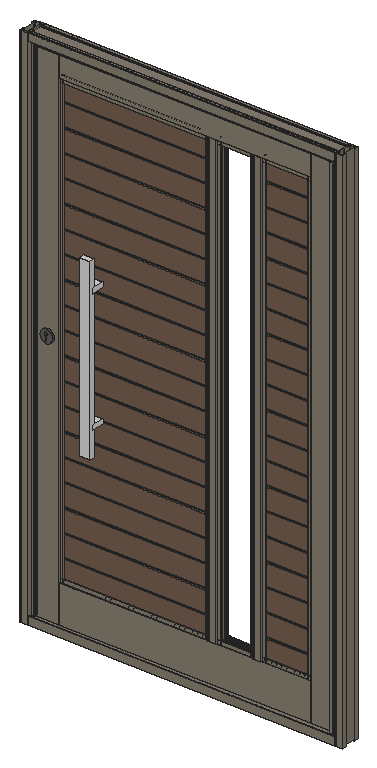
Revit family "Y1321P Y2 BZ K RH", category Doors, host Wall, Revit 2024
Family settings
  Host = Wall
  OmniClass Number = 23.30.10.00
  OmniClass Title = Doors
  Always vertical = Yes
  Cut with Voids When Loaded = No
  Shared = No
  Room Calculation Point = No
Parameters
  Function = Interior
  Frame Projection Ext. = 25 mm
  Frame Projection Int. = 25 mm
  Frame Width = 75 mm
  Height = 2120 mm
  Wall Closure = By host
  Width = 1290 mm
  Analytic Construction = "<None>"
Reference planes
  plane 1: y = 0
  plane 2 "Center (Left/Right)": x = 0
  plane 3 "Left": x = -645
  plane 4 "Right": x = 645
  plane 5: z = 2120
  plane 6 "Exterior": y = 75
  plane 7 "Interior": y = -75
Forms (mm)
  Sweep 1, solid, material "BRONZE ALUMINIUM MANUAL"
    path origin (0, 75, 0) x (1, 0, 0) y (0, 0, 1)
      loop
        line (-601.2, 30) -> (-601.2, 2075) -> (600, 2075) -> (600, 30)
    profile origin (-0.6, 75, 2075) x (0, 0, 1) y (0, -1, 0)
      loop
        line (15, 55) -> (2.8, 55) -> (2.8, 61.5) -> (0.5, 61.5) -> (0.5, 88.5) -> (2.8, 88.5) -> (2.8, 95) -> (15, 95) -> (15, 97) -> (-0.5, 97)
        arc (-0.5, 97) -> (-1.207, 96.707) -> (-1.5, 96) r 1
        line (-1.5, 96) -> (-1.5, 93.9) -> (-0.5, 93.9) -> (-0.5, 95) -> (1, 95) -> (1, 90.5) -> (-0.5, 90.5) -> (-0.5, 91.631) -> (-1.5, 91.631) -> (-1.5, 58.369) -> (-0.5, 58.369) -> (-0.5, 59.5) -> (1, 59.5) -> (1, 55) -> (-0.5, 55) -> (-0.5, 56.1) -> (-1.5, 56.1) -> (-1.5, 54)
        arc (-1.5, 54) -> (-1.207, 53.293) -> (-0.5, 53) r 1
        line (-0.5, 53) -> (15, 53) -> (15, 55)
  Extrusion 2, solid, material "BRONZE ALUMINIUM MANUAL"
    sketch origin (0, 0, 0) x (0, 1, 0) y (0, 0, 1)
      loop
        line (37.5, 2120) -> (22, 2120) -> (22, 2118.5) -> (24.5, 2118.5) -> (24.5, 2115.5) -> (-24.5, 2115.5) -> (-24.5, 2118.5) -> (-22, 2118.5) -> (-22, 2120) -> (-37.5, 2120) -> (-37.5, 2090) -> (-4.189, 2090) -> (7.651, 2090) -> (37.5, 2090) -> (37.5, 2120)
      loop
        line (32.168, 2118.2) -> (30.896, 2116.928) -> (29.5, 2118.324) -> (28, 2116.824) -> (26.3, 2118.524) -> (26.3, 2115.8)
        arc (26.3, 2115.8) -> (25.685, 2114.315) -> (24.2, 2113.7) r 2.1
        line (24.2, 2113.7) -> (-24.2, 2113.7)
        arc (-24.2, 2113.7) -> (-25.685, 2114.315) -> (-26.3, 2115.8) r 2.1
        line (-26.3, 2115.8) -> (-26.3, 2118.524) -> (-28, 2116.824) -> (-29.5, 2118.324) -> (-30.896, 2116.928) -> (-32.168, 2118.2) -> (-35.6, 2118.2) -> (-35.6, 2091.8) -> (-32.168, 2091.8) -> (-30.896, 2093.072) -> (-29.5, 2091.676) -> (-28, 2093.176) -> (-26.624, 2091.8) -> (-19.438, 2091.8) -> (26.624, 2091.8) -> (28, 2093.176) -> (29.5, 2091.676) -> (30.896, 2093.072) -> (32.168, 2091.8) -> (35.6, 2091.8) -> (35.6, 2118.2) -> (32.168, 2118.2)
      loop
        line (37.5, 0) -> (37.5, 30) -> (7.651, 30) -> (-4.189, 30) -> (-37.5, 30) -> (-37.5, 0) -> (-22, 0) -> (-22, 1.5) -> (-24.5, 1.5) -> (-24.5, 4.5) -> (24.5, 4.5) -> (24.5, 1.5) -> (22, 1.5) -> (22, 0) -> (37.5, 0)
      loop
        line (32.168, 1.8) -> (35.6, 1.8) -> (35.6, 28.2) -> (32.168, 28.2) -> (30.896, 26.928) -> (29.5, 28.324) -> (28, 26.824) -> (26.624, 28.2) -> (-19.438, 28.2) -> (-26.624, 28.2) -> (-28, 26.824) -> (-29.5, 28.324) -> (-30.896, 26.928) -> (-32.168, 28.2) -> (-35.6, 28.2) -> (-35.6, 1.8) -> (-32.168, 1.8) -> (-30.896, 3.072) -> (-29.5, 1.676) -> (-28, 3.176) -> (-26.3, 1.476) -> (-26.3, 4.2)
        arc (-26.3, 4.2) -> (-25.685, 5.685) -> (-24.2, 6.3) r 2.1
        line (-24.2, 6.3) -> (24.2, 6.3)
        arc (24.2, 6.3) -> (25.685, 5.685) -> (26.3, 4.2) r 2.1
        line (26.3, 4.2) -> (26.3, 1.476) -> (28, 3.176) -> (29.5, 1.676) -> (30.896, 3.072) -> (32.168, 1.8)
    from -615 to 615
  Extrusion 3, solid, material "BRONZE ALUMINIUM MANUAL"
    sketch origin (0, 0, 30) x (1, 0, 0) y (0, 1, 0)
      loop
        arc (598.5, 21) -> (597.5, 22) -> (596.5, 21) r 1
        line (596.5, 21) -> (596.5, -21.179)
        arc (596.5, -21.179) -> (596.26, -21.76) -> (595.679, -22) r 0.821
        line (595.679, -22) -> (584.5, -22)
        arc (584.5, -22) -> (583.5, -23) -> (584.5, -24) r 1
        line (584.5, -24) -> (597.679, -24)
        arc (597.679, -24) -> (598.26, -23.76) -> (598.5, -23.179) r 0.821
        line (598.5, -23.179) -> (598.5, 21)
      loop
        arc (-599.7, -21) -> (-598.7, -22) -> (-597.7, -21) r 1
        line (-597.7, -21) -> (-597.7, 21.179)
        arc (-597.7, 21.179) -> (-597.459, 21.76) -> (-596.879, 22) r 0.821
        line (-596.879, 22) -> (-585.7, 22)
        arc (-585.7, 22) -> (-584.7, 23) -> (-585.7, 24) r 1
        line (-585.7, 24) -> (-598.879, 24)
        arc (-598.879, 24) -> (-599.459, 23.76) -> (-599.7, 23.179) r 0.821
        line (-599.7, 23.179) -> (-599.7, -21)
    from 0 to 2043.5
  Extrusion 4, solid, material "BRONZE ALUMINIUM MANUAL"
    sketch origin (0, 0, 0) x (1, 0, 0) y (0, 1, 0)
      loop
        line (-645, 37.5) -> (-645, 22) -> (-643.5, 22) -> (-643.5, 24.5) -> (-640.5, 24.5) -> (-640.5, -24.5) -> (-643.5, -24.5) -> (-643.5, -22) -> (-645, -22) -> (-645, -37.5) -> (-615, -37.5) -> (-615, -17) -> (-615.993, -17) -> (-616.394, -18.496) -> (-617.6, -18.496) -> (-617.6, -0.254) -> (-616.306, -0.254) -> (-616.066, -3) -> (-615, -3) -> (-615, 37.5) -> (-645, 37.5)
      loop
        line (-616.8, 26.624) -> (-618.176, 28) -> (-616.676, 29.5) -> (-618.072, 30.896) -> (-616.8, 32.168) -> (-616.8, 35.6) -> (-643.2, 35.6) -> (-643.2, 32.168) -> (-641.928, 30.896) -> (-643.324, 29.5) -> (-641.824, 28) -> (-643.524, 26.3) -> (-640.8, 26.3)
        arc (-640.8, 26.3) -> (-639.315, 25.685) -> (-638.7, 24.2) r 2.1
        line (-638.7, 24.2) -> (-638.7, -24.2)
        arc (-638.7, -24.2) -> (-639.315, -25.685) -> (-640.8, -26.3) r 2.1
        line (-640.8, -26.3) -> (-643.524, -26.3) -> (-641.824, -28) -> (-643.324, -29.5) -> (-641.928, -30.896) -> (-643.2, -32.168) -> (-643.2, -35.6) -> (-616.8, -35.6) -> (-616.8, -32.168) -> (-618.072, -30.896) -> (-616.676, -29.5) -> (-618.176, -28) -> (-616.8, -26.624) -> (-616.8, -20.239)
        arc (-616.8, -20.239) -> (-618.596, -19.852) -> (-619.4, -18.2) r 2.1
        line (-619.4, -18.2) -> (-619.4, -0.55)
        arc (-619.4, -0.55) -> (-618.596, 1.102) -> (-616.8, 1.49) r 2.1
        line (-616.8, 1.49) -> (-616.8, 26.624)
      loop
        line (645, 37.5) -> (615, 37.5) -> (615, -3) -> (616.066, -3) -> (616.306, -0.254) -> (617.6, -0.254) -> (617.6, -18.496) -> (616.394, -18.496) -> (615.993, -17) -> (615, -17) -> (615, -37.5) -> (645, -37.5) -> (645, -22) -> (643.5, -22) -> (643.5, -24.5) -> (640.5, -24.5) -> (640.5, 24.5) -> (643.5, 24.5) -> (643.5, 22) -> (645, 22) -> (645, 37.5)
      loop
        line (616.8, 26.624) -> (616.8, 1.49)
        arc (616.8, 1.49) -> (618.596, 1.102) -> (619.4, -0.55) r 2.1
        line (619.4, -0.55) -> (619.4, -18.2)
        arc (619.4, -18.2) -> (618.596, -19.852) -> (616.8, -20.239) r 2.1
        line (616.8, -20.239) -> (616.8, -26.624) -> (618.176, -28) -> (616.676, -29.5) -> (618.072, -30.896) -> (616.8, -32.168) -> (616.8, -35.6) -> (643.2, -35.6) -> (643.2, -32.168) -> (641.928, -30.896) -> (643.324, -29.5) -> (641.824, -28) -> (643.524, -26.3) -> (640.8, -26.3)
        arc (640.8, -26.3) -> (639.315, -25.685) -> (638.7, -24.2) r 2.1
        line (638.7, -24.2) -> (638.7, 24.2)
        arc (638.7, 24.2) -> (639.315, 25.685) -> (640.8, 26.3) r 2.1
        line (640.8, 26.3) -> (643.524, 26.3) -> (641.824, 28) -> (643.324, 29.5) -> (641.928, 30.896) -> (643.2, 32.168) -> (643.2, 35.6) -> (616.8, 35.6) -> (616.8, 32.168) -> (618.072, 30.896) -> (616.676, 29.5) -> (618.176, 28) -> (616.8, 26.624)
    from 0 to 2120
  Extrusion 5, solid, material "BRONZE ALUMINIUM MANUAL"
    sketch origin (0, 0, -6.5) x (-1, 0, 0) y (0, -1, 0)
      loop
        line (503.5, -22) -> (591.7, -22)
        arc (591.7, -22) -> (592.973, -21.473) -> (593.5, -20.2) r 1.8
        line (593.5, -20.2) -> (593.5, -19.4)
        arc (593.5, -19.4) -> (593, -18.9) -> (592.5, -19.4) r 0.5
        line (592.5, -19.4) -> (592.5, -20.4) -> (591, -20.4) -> (591, -12.8) -> (592.5, -12.8) -> (592.5, -13.8)
        arc (592.5, -13.8) -> (593, -14.3) -> (593.5, -13.8) r 0.5
        line (593.5, -13.8) -> (593.5, 13.8)
        arc (593.5, 13.8) -> (593, 14.3) -> (592.5, 13.8) r 0.5
        line (592.5, 13.8) -> (592.5, 12.8) -> (591, 12.8) -> (591, 20.4) -> (592.5, 20.4) -> (592.5, 19.4)
        arc (592.5, 19.4) -> (593, 18.9) -> (593.5, 19.4) r 0.5
        line (593.5, 19.4) -> (593.5, 20.2)
        arc (593.5, 20.2) -> (592.973, 21.473) -> (591.7, 22) r 1.8
        line (591.7, 22) -> (503.5, 22) -> (503.5, 17) -> (488.5, 17) -> (488.5, 14) -> (489.7, 14) -> (489.7, 15.6) -> (492.2, 15.6) -> (492.893, 15.2) -> (503.5, 15.2) -> (503.5, 2) -> (504.475, 2) -> (504.737, 5) -> (506.1, 5) -> (506.1, -6.618) -> (506.1, -13.5) -> (504.606, -13.5) -> (504.475, -12) -> (503.5, -12) -> (503.5, -22)
      loop
        line (589.2, -20.2) -> (589.2, -12.2)
        arc (589.2, -12.2) -> (589.493, -11.493) -> (590.2, -11.2) r 1
        line (590.2, -11.2) -> (591.5, -11.2) -> (591.5, 11.2) -> (590.2, 11.2)
        arc (590.2, 11.2) -> (589.493, 11.493) -> (589.2, 12.2) r 1
        line (589.2, 12.2) -> (589.2, 20.2) -> (505.3, 20.2) -> (505.3, 17.092) -> (505.3, 6.8) -> (506.5, 6.8)
        arc (506.5, 6.8) -> (507.49, 6.39) -> (507.9, 5.4) r 1.4
        line (507.9, 5.4) -> (507.9, -13.9)
        arc (507.9, -13.9) -> (507.49, -14.89) -> (506.5, -15.3) r 1.4
        line (506.5, -15.3) -> (505.3, -15.3) -> (505.3, -20.2) -> (589.2, -20.2)
      loop
        line (-503.5, -22) -> (-503.5, -12) -> (-504.475, -12) -> (-504.606, -13.5) -> (-506.1, -13.5) -> (-506.1, -7.077) -> (-506.1, 5) -> (-504.737, 5) -> (-504.475, 2) -> (-503.5, 2) -> (-503.5, 15.2) -> (-492.893, 15.2) -> (-492.2, 15.6) -> (-489.7, 15.6) -> (-489.7, 14) -> (-488.5, 14) -> (-488.5, 17) -> (-503.5, 17) -> (-503.5, 22) -> (-591.7, 22)
        arc (-591.7, 22) -> (-592.973, 21.473) -> (-593.5, 20.2) r 1.8
        line (-593.5, 20.2) -> (-593.5, 19.4)
        arc (-593.5, 19.4) -> (-593, 18.9) -> (-592.5, 19.4) r 0.5
        line (-592.5, 19.4) -> (-592.5, 20.4) -> (-591, 20.4) -> (-591, 12.8) -> (-592.5, 12.8) -> (-592.5, 13.8)
        arc (-592.5, 13.8) -> (-593, 14.3) -> (-593.5, 13.8) r 0.5
        line (-593.5, 13.8) -> (-593.5, -13.8)
        arc (-593.5, -13.8) -> (-593, -14.3) -> (-592.5, -13.8) r 0.5
        line (-592.5, -13.8) -> (-592.5, -12.8) -> (-591, -12.8) -> (-591, -20.4) -> (-592.5, -20.4) -> (-592.5, -19.4)
        arc (-592.5, -19.4) -> (-593, -18.9) -> (-593.5, -19.4) r 0.5
        line (-593.5, -19.4) -> (-593.5, -20.2)
        arc (-593.5, -20.2) -> (-592.973, -21.473) -> (-591.7, -22) r 1.8
        line (-591.7, -22) -> (-503.5, -22)
      loop
        line (-589.2, -20.2) -> (-505.3, -20.2) -> (-505.3, -15.3) -> (-506.5, -15.3)
        arc (-506.5, -15.3) -> (-507.49, -14.89) -> (-507.9, -13.9) r 1.4
        line (-507.9, -13.9) -> (-507.9, 5.4)
        arc (-507.9, 5.4) -> (-507.49, 6.39) -> (-506.5, 6.8) r 1.4
        line (-506.5, 6.8) -> (-505.3, 6.8) -> (-505.3, 17.092) -> (-505.3, 20.2) -> (-589.2, 20.2) -> (-589.2, 12.2)
        arc (-589.2, 12.2) -> (-589.493, 11.493) -> (-590.2, 11.2) r 1
        line (-590.2, 11.2) -> (-591.5, 11.2) -> (-591.5, -11.2) -> (-590.2, -11.2)
        arc (-590.2, -11.2) -> (-589.493, -11.493) -> (-589.2, -12.2) r 1
        line (-589.2, -12.2) -> (-589.2, -20.2)
    from 40 to 2080
  Sweep 6, solid, material "BRONZE ALUMINIUM MANUAL"
    path origin (0, 75, -6.5) x (-1, 0, 0) y (0, 0, -1)
      loop
        line (503.5, -1996.1) -> (503.5, -190) -> (-96.237, -190) -> (-96.237, -1996.1) -> (503.5, -1996.1)
    profile origin (-203.631, 75, 1989.6) x (0, 0, 1) y (0, -1, 0)
      loop
        line (0, 53.6) -> (0, 63) -> (1.1, 63)
        arc (1.1, 63) -> (1.85, 62.492) -> (2.6, 63) r 0.808
        line (2.6, 63) -> (2.6, 79)
        arc (2.6, 79) -> (2.1, 79.5) -> (1.6, 79) r 0.5
        line (1.6, 79) -> (1.6, 75.5) -> (0.6, 75.5) -> (0.6, 65) -> (-1.9, 65) -> (-1.9, 55) -> (-6.3, 55) -> (-6.9, 58) -> (-8.9, 58) -> (-8.9, 57) -> (-7.9, 57) -> (-7.5, 55) -> (-11.8, 55) -> (-11.4, 57) -> (-10.4, 57) -> (-10.4, 58) -> (-12.4, 58) -> (-13, 55) -> (-14.4, 55) -> (-14.4, 57.5)
        arc (-14.4, 57.5) -> (-14.9, 58) -> (-15.4, 57.5) r 0.5
        line (-15.4, 57.5) -> (-15.4, 53.6)
        arc (-15.4, 53.6) -> (-15.224, 53.176) -> (-14.8, 53) r 0.6
        line (-14.8, 53) -> (-0.6, 53)
        arc (-0.6, 53) -> (-0.176, 53.176) -> (0, 53.6) r 0.6
  Sweep 7, solid, material "BRONZE ALUMINIUM MANUAL"
    path origin (0.008, 75, 1533.5) x (-1, 0, 0) y (0, 0, -1)
      loop
        line (-304.992, -455) -> (-304.992, 1350) -> (-503.5, 1350) -> (-503.5, -455) -> (-304.992, -455)
    profile origin (404.254, 75, 1988.5) x (0, 0, 1) y (0, -1, 0)
      loop
        line (0, 53.6) -> (0, 63) -> (1.1, 63)
        arc (1.1, 63) -> (1.85, 62.492) -> (2.6, 63) r 0.808
        line (2.6, 63) -> (2.6, 79)
        arc (2.6, 79) -> (2.1, 79.5) -> (1.6, 79) r 0.5
        line (1.6, 79) -> (1.6, 75.5) -> (0.6, 75.5) -> (0.6, 65) -> (-1.9, 65) -> (-1.9, 55) -> (-6.3, 55) -> (-6.9, 58) -> (-8.9, 58) -> (-8.9, 57) -> (-7.9, 57) -> (-7.5, 55) -> (-11.8, 55) -> (-11.4, 57) -> (-10.4, 57) -> (-10.4, 58) -> (-12.4, 58) -> (-13, 55) -> (-14.4, 55) -> (-14.4, 57.5)
        arc (-14.4, 57.5) -> (-14.9, 58) -> (-15.4, 57.5) r 0.5
        line (-15.4, 57.5) -> (-15.4, 53.6)
        arc (-15.4, 53.6) -> (-15.224, 53.176) -> (-14.8, 53) r 0.6
        line (-14.8, 53) -> (-0.6, 53)
        arc (-0.6, 53) -> (-0.176, 53.176) -> (0, 53.6) r 0.6
  Extrusion 8, solid, material "ALUMINIUM BLACK (TEST)"
    sketch origin (350.722, 27.873, -83.123) x (1, 0, 0) y (0, 0, 1)
      loop
        circle (-896.954, 1135.623) r 25
    from 0 to 5
  Extrusion 9, solid, material "ALUMINIUM BLACK (TEST)"
    sketch origin (350.722, -27.873, -83.123) x (1, 0, 0) y (0, 0, -1)
      loop
        circle (-896.954, -1135.623) r 25
    from 0 to 5
  Extrusion 10, void
    sketch origin (85.5, 67.873, -83.123) x (1, 0, 0) y (0, 0, 1)
      loop
        arc (-634.732, 1122.18) -> (-631.732, 1119.18) -> (-628.732, 1122.18) r 3
        line (-628.732, 1122.18) -> (-628.732, 1136.773)
        arc (-628.732, 1136.773) -> (-631.732, 1150.865) -> (-634.732, 1136.773) r 7.365
        line (-634.732, 1136.773) -> (-634.732, 1122.18)
    from 40 to 45
  Extrusion 11, void
    sketch origin (85.5, -67.873, -83.123) x (1, 0, 0) y (0, 0, -1)
      loop
        line (-634.732, -1122.18) -> (-634.732, -1136.773)
        arc (-634.732, -1136.773) -> (-631.732, -1150.865) -> (-628.732, -1136.773) r 7.365
        line (-628.732, -1136.773) -> (-628.732, -1122.18)
        arc (-628.732, -1122.18) -> (-631.732, -1119.18) -> (-634.732, -1122.18) r 3
    from 40 to 45
  Extrusion 12, solid, material "COOL BRONZE GLASS"
    sketch origin (0, 9.8, -6.5) x (-1, 0, 0) y (0, 0, -1)
      loop
        line (-125, -1994.2) -> (-125, -189.4) -> (-275, -189.4) -> (-275, -1994.2) -> (-125, -1994.2)
    from 0 to 6.4
  Sweep 13, solid, material "BRONZE ALUMINIUM MANUAL"
    path origin (2.956, 75, 1123.5) x (-1, 0, 0) y (0, 0, -1)
      loop
        line (-122.044, -866.1) -> (-122.044, 940) -> (-272.044, 940) -> (-272.044, -866.1) -> (-122.044, -866.1)
    profile origin (200, 75, 1989.6) x (0, 0, 1) y (0, -1, 0)
      loop
        line (0, 53.6) -> (0, 63) -> (1.1, 63)
        arc (1.1, 63) -> (1.85, 62.492) -> (2.6, 63) r 0.808
        line (2.6, 63) -> (2.6, 79)
        arc (2.6, 79) -> (2.1, 79.5) -> (1.6, 79) r 0.5
        line (1.6, 79) -> (1.6, 75.5) -> (0.6, 75.5) -> (0.6, 65) -> (-1.9, 65) -> (-1.9, 55) -> (-6.3, 55) -> (-6.9, 58) -> (-8.9, 58) -> (-8.9, 57) -> (-7.9, 57) -> (-7.5, 55) -> (-11.8, 55) -> (-11.4, 57) -> (-10.4, 57) -> (-10.4, 58) -> (-12.4, 58) -> (-13, 55) -> (-14.4, 55) -> (-14.4, 57.5)
        arc (-14.4, 57.5) -> (-14.9, 58) -> (-15.4, 57.5) r 0.5
        line (-15.4, 57.5) -> (-15.4, 53.6)
        arc (-15.4, 53.6) -> (-15.224, 53.176) -> (-14.8, 53) r 0.6
        line (-14.8, 53) -> (-0.6, 53)
        arc (-0.6, 53) -> (-0.176, 53.176) -> (0, 53.6) r 0.6
  Extrusion 14, solid, material "BRONZE ALUMINIUM MANUAL"
    sketch origin (-4982.033, 0, 3177.001) x (0, -1, 0) y (1, 0, 0)
      loop
        line (22, 5077.033) -> (22, 5107.033) -> (17, 5107.033) -> (17, 5122.033) -> (14, 5122.033) -> (14, 5120.833) -> (15.6, 5120.833) -> (15.6, 5118.333) -> (15.2, 5117.641) -> (15.2, 5107.033) -> (2, 5107.033) -> (2, 5106.058) -> (5, 5105.796) -> (5, 5104.433) -> (-13.5, 5104.433) -> (-13.5, 5105.927) -> (-12, 5106.058) -> (-12, 5107.033) -> (-22, 5107.033) -> (-22, 5077.033) -> (-12, 5077.033) -> (-12, 5078.008) -> (-13.5, 5078.139) -> (-13.5, 5079.633) -> (5, 5079.633) -> (5, 5078.271) -> (2, 5078.008) -> (2, 5077.033) -> (15.2, 5077.033) -> (15.2, 5066.133) -> (15.6, 5065.441) -> (15.6, 5063.233) -> (14, 5063.233) -> (14, 5062.033) -> (17, 5062.033) -> (17, 5077.033) -> (22, 5077.033)
      loop
        line (20.2, 5105.233) -> (6.8, 5105.233) -> (6.8, 5104.033)
        arc (6.8, 5104.033) -> (6.39, 5103.043) -> (5.4, 5102.633) r 1.4
        line (5.4, 5102.633) -> (-13.9, 5102.633)
        arc (-13.9, 5102.633) -> (-14.89, 5103.043) -> (-15.3, 5104.033) r 1.4
        line (-15.3, 5104.033) -> (-15.3, 5105.233) -> (-20.2, 5105.233) -> (-20.2, 5078.833) -> (-15.3, 5078.833) -> (-15.3, 5080.033)
        arc (-15.3, 5080.033) -> (-14.89, 5081.023) -> (-13.9, 5081.433) r 1.4
        line (-13.9, 5081.433) -> (5.4, 5081.433)
        arc (5.4, 5081.433) -> (6.39, 5081.023) -> (6.8, 5080.033) r 1.4
        line (6.8, 5080.033) -> (6.8, 5078.833) -> (16.581, 5078.833) -> (20.2, 5078.833) -> (20.2, 5105.233)
      loop
        line (22, 5257.033) -> (22, 5287.033) -> (17, 5287.033) -> (17, 5302.033) -> (14, 5302.033) -> (14, 5300.833) -> (15.6, 5300.833) -> (15.6, 5298.333) -> (15.2, 5297.641) -> (15.2, 5287.033) -> (2, 5287.033) -> (2, 5286.058) -> (5, 5285.796) -> (5, 5284.433) -> (-13.5, 5284.433) -> (-13.5, 5285.927) -> (-12, 5286.058) -> (-12, 5287.033) -> (-22, 5287.033) -> (-22, 5257.033) -> (-12, 5257.033) -> (-12, 5258.008) -> (-13.5, 5258.139) -> (-13.5, 5259.633) -> (5, 5259.633) -> (5, 5258.271) -> (2, 5258.008) -> (2, 5257.033) -> (15.2, 5257.033) -> (15.2, 5246.133) -> (15.6, 5245.441) -> (15.6, 5243.233) -> (14, 5243.233) -> (14, 5242.033) -> (17, 5242.033) -> (17, 5257.033) -> (22, 5257.033)
      loop
        line (20.2, 5285.233) -> (6.8, 5285.233) -> (6.8, 5284.033)
        arc (6.8, 5284.033) -> (6.39, 5283.043) -> (5.4, 5282.633) r 1.4
        line (5.4, 5282.633) -> (-13.9, 5282.633)
        arc (-13.9, 5282.633) -> (-14.89, 5283.043) -> (-15.3, 5284.033) r 1.4
        line (-15.3, 5284.033) -> (-15.3, 5285.233) -> (-20.2, 5285.233) -> (-20.2, 5258.833) -> (-15.3, 5258.833) -> (-15.3, 5260.033)
        arc (-15.3, 5260.033) -> (-14.89, 5261.023) -> (-13.9, 5261.433) r 1.4
        line (-13.9, 5261.433) -> (5.4, 5261.433)
        arc (5.4, 5261.433) -> (6.39, 5261.023) -> (6.8, 5260.033) r 1.4
        line (6.8, 5260.033) -> (6.8, 5258.833) -> (16.581, 5258.833) -> (20.2, 5258.833) -> (20.2, 5285.233)
    from -2993.501 to -1188.501
  Extrusion 15, solid, material "BRONZE ALUMINIUM MANUAL"
    sketch origin (0, 0, -6.5) x (0, 1, 0) y (0, 0, -1)
      loop
        line (20.25, -77.453) -> (19.7, -76.5) -> (19.7, -73.5) -> (20.25, -72.547) -> (20.25, -61.8) -> (-20.25, -61.8) -> (-20.25, -72.547) -> (-19.7, -73.5) -> (-19.7, -76.5) -> (-20.25, -77.453) -> (-20.25, -172.747) -> (-19.7, -173.7) -> (-19.7, -176.7) -> (-20.25, -177.653) -> (-20.25, -188.2) -> (-6.55, -188.2) -> (-6.55, -185.6) -> (15.3, -185.6) -> (15.3, -188.2) -> (20.25, -188.2) -> (20.25, -177.653) -> (19.7, -176.7) -> (19.7, -173.7) -> (20.25, -172.747) -> (20.25, -77.453)
      loop
        line (19.7, -60) -> (-19.7, -60) -> (-19.7, -57) -> (-20.25, -56.047) -> (-20.25, -43.6) -> (-17.1, -43.6) -> (-17.1, -42) -> (-20.2, -42) -> (-20.2, -40) -> (-22, -40) -> (-22, -190) -> (-17, -190) -> (-17, -205) -> (-14, -205) -> (-14, -203.8) -> (-15.6, -203.8) -> (-15.6, -201.3) -> (-15.2, -200.607) -> (-15.2, -190) -> (-2, -190) -> (-2, -188.934) -> (-4.75, -188.693) -> (-4.75, -187.4) -> (13.5, -187.4) -> (13.5, -188.605) -> (12, -189.007) -> (12, -190) -> (22, -190) -> (22, -40) -> (20.2, -40) -> (20.2, -42) -> (17.1, -42) -> (17.1, -43.6) -> (20.25, -43.6) -> (20.25, -56.047) -> (19.7, -57) -> (19.7, -60)
      loop
        line (-22, -2080) -> (-20.2, -2080) -> (-20.2, -2078) -> (-17.1, -2078) -> (-17.1, -2076.4) -> (-20.25, -2076.4) -> (-20.25, -2063.953) -> (-19.7, -2063) -> (-19.7, -2060) -> (19.7, -2060) -> (19.7, -2063) -> (20.25, -2063.953) -> (20.25, -2076.4) -> (17.1, -2076.4) -> (17.1, -2078) -> (20.2, -2078) -> (20.2, -2080) -> (22, -2080) -> (22, -1995) -> (12, -1995) -> (12, -1995.993) -> (13.5, -1996.395) -> (13.5, -1997.6) -> (-4.75, -1997.6) -> (-4.75, -1996.307) -> (-2, -1996.066) -> (-2, -1995) -> (-15.2, -1995) -> (-15.2, -1984.393) -> (-15.6, -1983.7) -> (-15.6, -1981.2) -> (-14, -1981.2) -> (-14, -1980) -> (-17, -1980) -> (-17, -1995) -> (-22, -1995) -> (-22, -2080)
      loop
        line (-20.25, -2042.547) -> (-19.7, -2043.5) -> (-19.7, -2046.5) -> (-20.25, -2047.453) -> (-20.25, -2058.2) -> (20.25, -2058.2) -> (20.25, -2047.453) -> (19.7, -2046.5) -> (19.7, -2043.5) -> (20.25, -2042.547) -> (20.25, -2012.253) -> (19.7, -2011.3) -> (19.7, -2008.3) -> (20.25, -2007.347) -> (20.25, -1996.8) -> (15.3, -1996.8) -> (15.3, -1999.4) -> (-6.55, -1999.4) -> (-6.55, -1996.8) -> (-20.25, -1996.8) -> (-20.25, -2007.347) -> (-19.7, -2008.3) -> (-19.7, -2011.3) -> (-20.25, -2012.253) -> (-20.25, -2042.547)
    from -503.5 to 503.5
  Extrusion 16, solid, material "KIAAT (TEST 1)"
    sketch origin (0.008, 114.915, -6.5) x (0, 1, 0) y (0, 0, -1)
      loop
        line (-104.915, -272.7) -> (-104.915, -190) -> (-126.915, -190) -> (-126.915, -272.7) -> (-119.415, -272.7) -> (-119.415, -280.7) -> (-126.915, -280.7) -> (-126.915, -363.4) -> (-119.415, -363.4) -> (-119.415, -371.4) -> (-126.915, -371.4) -> (-126.915, -454.1) -> (-119.415, -454.1) -> (-119.415, -462.1) -> (-126.915, -462.1) -> (-126.915, -544.8) -> (-119.415, -544.8) -> (-119.415, -552.8) -> (-126.915, -552.8) -> (-126.915, -635.5) -> (-119.415, -635.5) -> (-119.415, -643.5) -> (-126.915, -643.5) -> (-126.915, -726.2) -> (-119.415, -726.2) -> (-119.415, -734.2) -> (-126.915, -734.2) -> (-126.915, -816.9) -> (-119.415, -816.9) -> (-119.415, -824.9) -> (-126.915, -824.9) -> (-126.915, -907.6) -> (-119.415, -907.6) -> (-119.415, -915.6) -> (-126.915, -915.6) -> (-126.915, -998.3) -> (-119.415, -998.3) -> (-119.415, -1006.3) -> (-126.915, -1006.3) -> (-126.915, -1089) -> (-119.415, -1089) -> (-119.415, -1097) -> (-126.915, -1097) -> (-126.915, -1179.7) -> (-119.415, -1179.7) -> (-119.415, -1187.7) -> (-126.915, -1187.7) -> (-126.915, -1270.4) -> (-119.415, -1270.4) -> (-119.415, -1278.4) -> (-126.915, -1278.4) -> (-126.915, -1361.1) -> (-119.415, -1361.1) -> (-119.415, -1369.1) -> (-126.915, -1369.1) -> (-126.915, -1451.8) -> (-119.415, -1451.8) -> (-119.415, -1459.8) -> (-126.915, -1459.8) -> (-126.915, -1542.5) -> (-119.415, -1542.5) -> (-119.415, -1550.5) -> (-126.915, -1550.5) -> (-126.915, -1633.2) -> (-119.415, -1633.2) -> (-119.415, -1641.2) -> (-126.915, -1641.2) -> (-126.915, -1723.9) -> (-119.415, -1723.9) -> (-119.415, -1731.9) -> (-126.915, -1731.9) -> (-126.915, -1814.6) -> (-119.415, -1814.6) -> (-119.415, -1822.6) -> (-126.915, -1822.6) -> (-126.915, -1905.3) -> (-119.415, -1905.3) -> (-119.415, -1913.3) -> (-126.915, -1913.3) -> (-126.915, -1995) -> (-104.915, -1995) -> (-104.915, -1913.3) -> (-112.415, -1913.3) -> (-112.415, -1905.3) -> (-104.915, -1905.3) -> (-104.915, -1822.6) -> (-112.415, -1822.6) -> (-112.415, -1814.6) -> (-104.915, -1814.6) -> (-104.915, -1731.9) -> (-112.415, -1731.9) -> (-112.415, -1723.9) -> (-104.915, -1723.9) -> (-104.915, -1641.2) -> (-112.415, -1641.2) -> (-112.415, -1633.2) -> (-104.915, -1633.2) -> (-104.915, -1550.5) -> (-112.415, -1550.5) -> (-112.415, -1542.5) -> (-104.915, -1542.5) -> (-104.915, -1459.8) -> (-112.415, -1459.8) -> (-112.415, -1451.8) -> (-104.915, -1451.8) -> (-104.915, -1369.1) -> (-112.415, -1369.1) -> (-112.415, -1361.1) -> (-104.915, -1361.1) -> (-104.915, -1278.4) -> (-112.415, -1278.4) -> (-112.415, -1270.4) -> (-104.915, -1270.4) -> (-104.915, -1187.7) -> (-112.415, -1187.7) -> (-112.415, -1179.7) -> (-104.915, -1179.7) -> (-104.915, -1097) -> (-112.415, -1097) -> (-112.415, -1089) -> (-104.915, -1089) -> (-104.915, -1006.3) -> (-112.415, -1006.3) -> (-112.415, -998.3) -> (-104.915, -998.3) -> (-104.915, -915.6) -> (-112.415, -915.6) -> (-112.415, -907.6) -> (-104.915, -907.6) -> (-104.915, -824.9) -> (-112.415, -824.9) -> (-112.415, -816.9) -> (-104.915, -816.9) -> (-104.915, -734.2) -> (-112.415, -734.2) -> (-112.415, -726.2) -> (-104.915, -726.2) -> (-104.915, -643.5) -> (-112.415, -643.5) -> (-112.415, -635.5) -> (-104.915, -635.5) -> (-104.915, -552.8) -> (-112.415, -552.8) -> (-112.415, -544.8) -> (-104.915, -544.8) -> (-104.915, -462.1) -> (-112.415, -462.1) -> (-112.415, -454.1) -> (-104.915, -454.1) -> (-104.915, -371.4) -> (-112.415, -371.4) -> (-112.415, -363.4) -> (-104.915, -363.4) -> (-104.915, -280.7) -> (-112.415, -280.7) -> (-112.415, -272.7) -> (-104.915, -272.7)
    from -94.329 to 503.508
  Extrusion 17, solid, material "KIAAT (TEST 1)"
    sketch origin (407.255, 114.915, -6.5) x (0, 1, 0) y (0, 0, -1)
      loop
        line (-104.915, -272.7) -> (-104.915, -190) -> (-126.915, -190) -> (-126.915, -272.7) -> (-119.415, -272.7) -> (-119.415, -280.7) -> (-126.915, -280.7) -> (-126.915, -363.4) -> (-119.415, -363.4) -> (-119.415, -371.4) -> (-126.915, -371.4) -> (-126.915, -454.1) -> (-119.415, -454.1) -> (-119.415, -462.1) -> (-126.915, -462.1) -> (-126.915, -544.8) -> (-119.415, -544.8) -> (-119.415, -552.8) -> (-126.915, -552.8) -> (-126.915, -635.5) -> (-119.415, -635.5) -> (-119.415, -643.5) -> (-126.915, -643.5) -> (-126.915, -726.2) -> (-119.415, -726.2) -> (-119.415, -734.2) -> (-126.915, -734.2) -> (-126.915, -816.9) -> (-119.415, -816.9) -> (-119.415, -824.9) -> (-126.915, -824.9) -> (-126.915, -907.6) -> (-119.415, -907.6) -> (-119.415, -915.6) -> (-126.915, -915.6) -> (-126.915, -998.3) -> (-119.415, -998.3) -> (-119.415, -1006.3) -> (-126.915, -1006.3) -> (-126.915, -1089) -> (-119.415, -1089) -> (-119.415, -1097) -> (-126.915, -1097) -> (-126.915, -1179.7) -> (-119.415, -1179.7) -> (-119.415, -1187.7) -> (-126.915, -1187.7) -> (-126.915, -1270.4) -> (-119.415, -1270.4) -> (-119.415, -1278.4) -> (-126.915, -1278.4) -> (-126.915, -1361.1) -> (-119.415, -1361.1) -> (-119.415, -1369.1) -> (-126.915, -1369.1) -> (-126.915, -1451.8) -> (-119.415, -1451.8) -> (-119.415, -1459.8) -> (-126.915, -1459.8) -> (-126.915, -1542.5) -> (-119.415, -1542.5) -> (-119.415, -1550.5) -> (-126.915, -1550.5) -> (-126.915, -1633.2) -> (-119.415, -1633.2) -> (-119.415, -1641.2) -> (-126.915, -1641.2) -> (-126.915, -1723.9) -> (-119.415, -1723.9) -> (-119.415, -1731.9) -> (-126.915, -1731.9) -> (-126.915, -1814.6) -> (-119.415, -1814.6) -> (-119.415, -1822.6) -> (-126.915, -1822.6) -> (-126.915, -1905.3) -> (-119.415, -1905.3) -> (-119.415, -1913.3) -> (-126.915, -1913.3) -> (-126.915, -1995) -> (-104.915, -1995) -> (-104.915, -1913.3) -> (-112.415, -1913.3) -> (-112.415, -1905.3) -> (-104.915, -1905.3) -> (-104.915, -1822.6) -> (-112.415, -1822.6) -> (-112.415, -1814.6) -> (-104.915, -1814.6) -> (-104.915, -1731.9) -> (-112.415, -1731.9) -> (-112.415, -1723.9) -> (-104.915, -1723.9) -> (-104.915, -1641.2) -> (-112.415, -1641.2) -> (-112.415, -1633.2) -> (-104.915, -1633.2) -> (-104.915, -1550.5) -> (-112.415, -1550.5) -> (-112.415, -1542.5) -> (-104.915, -1542.5) -> (-104.915, -1459.8) -> (-112.415, -1459.8) -> (-112.415, -1451.8) -> (-104.915, -1451.8) -> (-104.915, -1369.1) -> (-112.415, -1369.1) -> (-112.415, -1361.1) -> (-104.915, -1361.1) -> (-104.915, -1278.4) -> (-112.415, -1278.4) -> (-112.415, -1270.4) -> (-104.915, -1270.4) -> (-104.915, -1187.7) -> (-112.415, -1187.7) -> (-112.415, -1179.7) -> (-104.915, -1179.7) -> (-104.915, -1097) -> (-112.415, -1097) -> (-112.415, -1089) -> (-104.915, -1089) -> (-104.915, -1006.3) -> (-112.415, -1006.3) -> (-112.415, -998.3) -> (-104.915, -998.3) -> (-104.915, -915.6) -> (-112.415, -915.6) -> (-112.415, -907.6) -> (-104.915, -907.6) -> (-104.915, -824.9) -> (-112.415, -824.9) -> (-112.415, -816.9) -> (-104.915, -816.9) -> (-104.915, -734.2) -> (-112.415, -734.2) -> (-112.415, -726.2) -> (-104.915, -726.2) -> (-104.915, -643.5) -> (-112.415, -643.5) -> (-112.415, -635.5) -> (-104.915, -635.5) -> (-104.915, -552.8) -> (-112.415, -552.8) -> (-112.415, -544.8) -> (-104.915, -544.8) -> (-104.915, -462.1) -> (-112.415, -462.1) -> (-112.415, -454.1) -> (-104.915, -454.1) -> (-104.915, -371.4) -> (-112.415, -371.4) -> (-112.415, -363.4) -> (-104.915, -363.4) -> (-104.915, -280.7) -> (-112.415, -280.7) -> (-112.415, -272.7) -> (-104.915, -272.7)
    from -96.245 to 102.855
  Extrusion 18, solid, material "Stainless Steel Lever Handle"
    sketch origin (503.242, -71.398, 705) x (1, 0, 0) y (0, 1, 0)
      loop
        line (-878.538, 126.398) -> (-838.538, 126.398) -> (-838.538, 146.398) -> (-878.538, 146.398) -> (-878.538, 126.398)
    from 0 to 710
  Extrusion 19, solid, material "Stainless Steel Lever Handle"
    sketch origin (503.242, 60, -375) x (1, 0, 0) y (0, 0, 1)
      loop
        line (-878.538, 1690) -> (-878.538, 1670) -> (-838.538, 1670) -> (-838.538, 1690) -> (-878.538, 1690)
      loop
        line (-878.538, 1180) -> (-838.538, 1180) -> (-838.538, 1200) -> (-878.538, 1200) -> (-878.538, 1180)
    from 0 to 50
  Extrusion 20, solid, material "Stainless Steel Lever Handle"
    sketch origin (503.242, 69.398, 705) x (1, 0, 0) y (0, 1, 0)
      loop
        line (-878.538, -126.398) -> (-878.538, -146.398) -> (-838.538, -146.398) -> (-838.538, -126.398) -> (-878.538, -126.398)
    from 0 to 710
  Extrusion 21, solid, material "Stainless Steel Lever Handle"
    sketch origin (503.242, -62, -375) x (1, 0, 0) y (0, 0, -1)
      loop
        line (-878.538, -1690) -> (-838.538, -1690) -> (-838.538, -1670) -> (-878.538, -1670) -> (-878.538, -1690)
      loop
        line (-878.538, -1180) -> (-878.538, -1200) -> (-838.538, -1200) -> (-838.538, -1180) -> (-878.538, -1180)
    from 0 to 50
Cuts and joins
  Extrusion 10 cuts Extrusion 8
  Extrusion 11 cuts Extrusion 9
Lines and regions (mm)
  Opening 1
    outline origin (-5000, -75, 0) x (1, 0, 0) y (0, 0, 1)
      loop
        line (4355, 0) -> (5645, 0) -> (5645, 2120) -> (4355, 2120) -> (4355, 0)
  model lines
    curve 1: line (-602.851, 22.5, 0) -> (602.851, 22.5, 0)
    curve 2: line (-603, -13, 0) -> (603, -13, 0)
    curve 8: line (300, -22.5, 0) -> (300, -925.5, 0)
    curve 9: arc (-603, -22.5, 0) -> (-338.517, -661.017, 0) -> (300, -925.5, 0) r 903
    curve 10: line (300, 13, 0) -> (300, 316, 0)
    curve 11: arc (300, 316, 0) -> (514.253, 227.253, 0) -> (603, 13, 0) r 303
    curve 12: line (603, 22.5, 0) -> (-603, 22.5, 0)
    curve 13: line (300, 0, 0) -> (300, 0, 2078)
  symbolic lines, style "Elevation Swing"
    curve 3: line (-645, -75, 1060) -> (300, -75, 2078)
    curve 4: line (-645, -75, 1060) -> (300, -75, 0)
    curve 5: line (598.5, -75, 1060.342) -> (300, -75, 2078)
    curve 6: line (598.5, -75, 1060.342) -> (300, -75, 0)
  model lines, style "Elevation Swing"
    curve 7: line (300, 0, 0) -> (300, 0, 2078)
Text (mm)
  text "Exterior" at (-2295.016, 1099.543, 0), in view "Ref. Level"
  text "Exterior" at (0, 1615.38, 3698.081), in view "Left"
  text "Exterior" at (0, 1036.032, 3874.932), in view "Right"
Dimensions and locks
  equal spacing: plane 3 "Left", plane 2 "Center (Left/Right)", plane 4 "Right"
  "Width": plane 3 "Left" to plane 4 "Right"
  "Height": plane 5 to host wall
  host wall to plane 5 = 2120 mm  (x2)
  locked: plane 6 "Exterior" to host wall
  locked: plane 7 "Interior" to host wall
  plane 3 "Left" to plane 4 "Right" = 1290 mm  (x2)
  aligned and locked: plane 1 to host wall
  aligned and locked: Opening 1 sketch curve to level
Automatic sketch dimensions
  curve 13 to level = 0 mm
  curve 7 to level = 0 mm
  plane 5 to curve 13 = 42 mm
  curve 7 to curve 13 = 0 mm  (x2)
  plane 2 "Center (Left/Right)" to curve 13 = 300 mm
  plane 3 "Left" to curve 4 = 0 mm
  curve 4 to level = 0 mm
  plane 2 "Center (Left/Right)" to curve 4 = 300 mm
  plane 5 to curve 5 = 42 mm
  plane 2 "Center (Left/Right)" to curve 5 = 300 mm
  plane 4 "Right" to curve 6 = 46.5 mm
  level to curve 4 = 1060 mm
  plane 5 to curve 6 = 1059.658 mm
  plane 2 "Center (Left/Right)" to curve 8 = 300 mm
  curve 11 to host wall = 13 mm
  curve 11 to curve 8 = 0 mm
  host wall to curve 9 = 22.5 mm
  host wall to curve 8 = 850.5 mm
  host wall to curve 10 = 241 mm
  curve 1 to plane 3 "Left" = 42.149 mm
  curve 2 to curve 9 = 0 mm
  curve 1 to curve 11 = 0.149 mm
  host wall to curve 2 = 13 mm
  curve 2 to curve 11 = 0 mm
  curve 8 to curve 9 = 0 mm
  curve 10 to curve 11 = 0 mm
  plane 3 "Left" to Opening 1 sketch curve = 0 mm
  plane 4 "Right" to Opening 1 sketch curve = 0 mm
  Opening 1 sketch curve to plane 5 = 0 mm
  Sweep 1 sketch curve to plane 3 "Left" = 43.8 mm
  plane 4 "Right" to Sweep 1 sketch curve = 45 mm
  plane 5 to Sweep 1 sketch curve = 45 mm
  level to Sweep 1 sketch curve = 30 mm  (x2)
  profile plane to Sweep 1 sketch curve = 1.5 mm  (x3)
  profile plane to Sweep 1 sketch curve = 0.5 mm  (x6)
  Sweep 1 sketch curve to profile plane = 0.5 mm
  Sweep 1 sketch curve to profile plane = 1 mm  (x2)
  Sweep 1 sketch curve to Sweep 1 sketch curve = 1.8 mm
  Sweep 1 sketch curve to Sweep 1 sketch curve = 2.3 mm
  Sweep 1 sketch curve to Sweep 1 sketch curve = 12.2 mm  (x2)
  profile plane to Sweep 1 sketch curve = 53 mm
  Sweep 1 sketch curve to Sweep 1 sketch curve = 1 mm  (x3)
  Sweep 1 sketch curve to Sweep 1 sketch curve = 1.1 mm  (x2)
  Sweep 1 sketch curve to Sweep 1 sketch curve = 2.269 mm  (x2)
  Sweep 1 sketch curve to Sweep 1 sketch curve = 1.131 mm  (x2)
  Sweep 1 sketch curve to Sweep 1 sketch curve = 2 mm  (x2)
  Sweep 1 sketch curve to Sweep 1 sketch curve = 27 mm
  Sweep 1 sketch curve to Sweep 1 sketch curve = 6.5 mm
  Extrusion 2 sketch curve to level = 0 mm  (x2)
  plane 5 to Extrusion 2 sketch curve = 0 mm  (x2)
  host wall to Extrusion 2 sketch curve = 37.5 mm  (x2)
  Extrusion 2 sketch curve to Extrusion 2 sketch curve = 1.9 mm  (x4)
  Extrusion 2 sketch curve to Extrusion 2 sketch curve = 3.432 mm  (x6)
  plane 5 to Extrusion 2 sketch curve = 3.072 mm  (x2)
  Extrusion 2 sketch curve to Extrusion 2 sketch curve = 1.272 mm  (x12)
  level to Extrusion 2 sketch curve = 3.072 mm  (x2)
  Extrusion 2 sketch curve to Extrusion 2 sketch curve = 1.396 mm  (x8)
  plane 5 to Extrusion 2 sketch curve = 1.676 mm  (x2)
  level to Extrusion 2 sketch curve = 1.676 mm  (x2)
  plane 5 to Extrusion 2 sketch curve = 3.176 mm  (x2)
  Extrusion 2 sketch curve to Extrusion 2 sketch curve = 1.5 mm  (x6)
  level to Extrusion 2 sketch curve = 3.176 mm  (x2)
  Extrusion 2 sketch curve to Extrusion 2 sketch curve = 1.376 mm  (x4)
  Extrusion 2 sketch curve to Extrusion 2 sketch curve = 1.7 mm  (x4)
  Extrusion 2 sketch curve to Extrusion 2 sketch curve = 1.8 mm  (x5)
  Extrusion 2 sketch curve to Extrusion 2 sketch curve = 0.3 mm  (x6)
  Extrusion 2 sketch curve to Extrusion 2 sketch curve = 2.5 mm  (x2)
  Extrusion 2 sketch curve to Extrusion 2 sketch curve = 7.186 mm  (x2)
  host wall to Extrusion 2 sketch curve = 4.189 mm  (x2)
  Extrusion 2 sketch curve to host wall = 7.651 mm  (x2)
  level to Extrusion 2 sketch curve = 1.5 mm  (x2)
  Extrusion 2 sketch curve to host wall = 22 mm  (x2)
  Extrusion 2 sketch curve to Extrusion 2 sketch curve = 2.2 mm  (x2)
  plane 5 to Extrusion 2 sketch curve = 1.476 mm
  level to Extrusion 2 sketch curve = 1.476 mm
  Extrusion 2 sketch curve to Extrusion 2 sketch curve = 18.973 mm  (x2)
  Extrusion 2 sketch curve to Extrusion 2 sketch curve = 1.024 mm
  Extrusion 2 sketch curve to Extrusion 2 sketch curve = 20.524 mm  (x2)
  Extrusion 2 sketch curve to Extrusion 2 sketch curve = 0.104 mm  (x2)
  Extrusion 2 sketch curve to Extrusion 2 sketch curve = 26.928 mm
  Extrusion 2 sketch curve to Extrusion 2 sketch curve = 1.676 mm  (x2)
  Extrusion 2 sketch curve to Extrusion 2 sketch curve = 0.124 mm  (x2)
  Extrusion 2 sketch curve to Extrusion 2 sketch curve = 3.124 mm
  plane 5 to Extrusion 2 sketch curve = 1.5 mm  (x2)
  Extrusion 3 sketch curve to plane 3 "Left" = 45.3 mm
  Extrusion 3 sketch curve to Extrusion 3 sketch curve = 0.821 mm  (x4)
  Extrusion 3 sketch curve to Extrusion 3 sketch curve = 1 mm  (x4)
  Extrusion 3 sketch curve to Extrusion 3 sketch curve = 11.179 mm  (x2)
  host wall to Extrusion 3 sketch curve = 24 mm
  plane 4 "Right" to Extrusion 3 sketch curve = 60.5 mm
  host wall to Extrusion 3 sketch curve = 21 mm
  Extrusion 3 sketch curve to host wall = 21 mm
  Extrusion 3 sketch curve to host wall = 21.179 mm
  Extrusion 4 sketch curve to plane 3 "Left" = 0 mm  (x2)
  Extrusion 4 sketch curve to plane 4 "Right" = 0 mm  (x2)
  Extrusion 4 sketch curve to plane 3 "Left" = 1.476 mm  (x2)
  Extrusion 4 sketch curve to plane 3 "Left" = 1.5 mm  (x2)
  Extrusion 4 sketch curve to plane 3 "Left" = 1.676 mm  (x2)
  Extrusion 4 sketch curve to plane 3 "Left" = 1.8 mm  (x2)
  Extrusion 4 sketch curve to Extrusion 4 sketch curve = 1.272 mm  (x12)
  Extrusion 4 sketch curve to Extrusion 4 sketch curve = 1.5 mm  (x4)
  Extrusion 4 sketch curve to Extrusion 4 sketch curve = 1.024 mm  (x4)
  Extrusion 4 sketch curve to Extrusion 4 sketch curve = 0.3 mm  (x8)
  Extrusion 4 sketch curve to Extrusion 4 sketch curve = 1.8 mm  (x8)
  host wall to Extrusion 4 sketch curve = 0.55 mm  (x2)
  Extrusion 4 sketch curve to plane 3 "Left" = 25.6 mm
  Extrusion 4 sketch curve to Extrusion 4 sketch curve = 20.524 mm
  Extrusion 4 sketch curve to Extrusion 4 sketch curve = 1.224 mm
  Extrusion 4 sketch curve to Extrusion 4 sketch curve = 0.104 mm  (x4)
  Extrusion 4 sketch curve to Extrusion 4 sketch curve = 1.376 mm  (x8)
  Extrusion 4 sketch curve to Extrusion 4 sketch curve = 1.396 mm  (x6)
  Extrusion 4 sketch curve to Extrusion 4 sketch curve = 0.906 mm  (x2)
  host wall to Extrusion 4 sketch curve = 0.254 mm  (x2)
  Extrusion 4 sketch curve to Extrusion 4 sketch curve = 0.994 mm  (x2)
  Extrusion 4 sketch curve to Extrusion 4 sketch curve = 1.234 mm
  Extrusion 4 sketch curve to Extrusion 4 sketch curve = 0.401 mm  (x2)
  plane 4 "Right" to Extrusion 4 sketch curve = 30 mm
  Extrusion 4 sketch curve to Extrusion 4 sketch curve = 0 mm
  Extrusion 4 sketch curve to Extrusion 4 sketch curve = 0.993 mm
  Extrusion 4 sketch curve to Extrusion 4 sketch curve = 1.066 mm
  Extrusion 4 sketch curve to Extrusion 4 sketch curve = 0.24 mm
  Extrusion 4 sketch curve to Extrusion 4 sketch curve = 1.676 mm  (x2)
  Extrusion 4 sketch curve to Extrusion 4 sketch curve = 0.124 mm  (x4)
  plane 4 "Right" to Extrusion 4 sketch curve = 6.3 mm
  plane 4 "Right" to Extrusion 4 sketch curve = 1.676 mm  (x2)
  plane 4 "Right" to Extrusion 4 sketch curve = 1.5 mm  (x2)
  plane 4 "Right" to Extrusion 4 sketch curve = 1.476 mm  (x2)
  Extrusion 4 sketch curve to Extrusion 4 sketch curve = 2.45 mm  (x2)
  Extrusion 4 sketch curve to Extrusion 4 sketch curve = 14 mm  (x2)
  Extrusion 4 sketch curve to Extrusion 4 sketch curve = 1.2 mm  (x2)
  Extrusion 4 sketch curve to Extrusion 4 sketch curve = 0.296 mm  (x2)
  host wall to Extrusion 4 sketch curve = 22 mm  (x2)
  Extrusion 4 sketch curve to Extrusion 4 sketch curve = 2.2 mm  (x4)
  Extrusion 4 sketch curve to Extrusion 4 sketch curve = 6.385 mm  (x2)
  Extrusion 4 sketch curve to Extrusion 4 sketch curve = 1.7 mm  (x4)
  Extrusion 4 sketch curve to Extrusion 4 sketch curve = 3.432 mm  (x4)
  Extrusion 4 sketch curve to Extrusion 4 sketch curve = 1.9 mm  (x4)
  Extrusion 4 sketch curve to host wall = 22 mm  (x2)
  Extrusion 4 sketch curve to Extrusion 4 sketch curve = 2.424 mm  (x2)
  curve 12 to plane 3 "Left" = 42 mm
  plane 4 "Right" to curve 12 = 42 mm
  curve 12 to host wall = 22.5 mm
  plane 4 "Right" to Extrusion 5 sketch curve = 51.5 mm
  Extrusion 5 sketch curve to Extrusion 5 sketch curve = 0 mm  (x6)
  Extrusion 5 sketch curve to Extrusion 5 sketch curve = 0.5 mm  (x7)
  Extrusion 5 sketch curve to Extrusion 5 sketch curve = 0.8 mm  (x10)
  Extrusion 5 sketch curve to Extrusion 5 sketch curve = 1 mm  (x7)
  Extrusion 5 sketch curve to Extrusion 5 sketch curve = 0.7 mm  (x3)
  Extrusion 5 sketch curve to Extrusion 5 sketch curve = 1.5 mm  (x4)
  Extrusion 5 sketch curve to Extrusion 5 sketch curve = 1.3 mm  (x2)
  Extrusion 5 sketch curve to Extrusion 5 sketch curve = 1.8 mm  (x8)
  host wall to Extrusion 5 sketch curve = 5.4 mm
  Extrusion 5 sketch curve to Extrusion 5 sketch curve = 81.3 mm
  Extrusion 5 sketch curve to Extrusion 5 sketch curve = 1.4 mm  (x4)
  Extrusion 5 sketch curve to Extrusion 5 sketch curve = 0.4 mm  (x6)
  Extrusion 5 sketch curve to Extrusion 5 sketch curve = 1.2 mm  (x6)
  host wall to Extrusion 5 sketch curve = 5 mm  (x2)
  Extrusion 5 sketch curve to Extrusion 5 sketch curve = 1.363 mm  (x2)
  Extrusion 5 sketch curve to Extrusion 5 sketch curve = 1.494 mm
  Extrusion 5 sketch curve to Extrusion 5 sketch curve = 0.262 mm  (x2)
  Extrusion 5 sketch curve to Extrusion 5 sketch curve = 0.131 mm  (x2)
  Extrusion 5 sketch curve to Extrusion 5 sketch curve = 10.607 mm  (x2)
  Extrusion 5 sketch curve to Extrusion 5 sketch curve = 0.693 mm  (x2)
  Extrusion 5 sketch curve to Extrusion 5 sketch curve = 2.5 mm  (x2)
  host wall to Extrusion 5 sketch curve = 14 mm  (x2)
  Extrusion 5 sketch curve to plane 3 "Left" = 156.5 mm
  host wall to Extrusion 5 sketch curve = 15.2 mm
  host wall to Extrusion 5 sketch curve = 2 mm  (x2)
  Extrusion 5 sketch curve to Extrusion 5 sketch curve = 0.975 mm  (x2)
  Extrusion 5 sketch curve to host wall = 12 mm
  Extrusion 5 sketch curve to host wall = 13.5 mm  (x2)
  Extrusion 5 sketch curve to Extrusion 5 sketch curve = 0.563 mm
  Extrusion 5 sketch curve to Extrusion 5 sketch curve = 0.694 mm
  host wall to Extrusion 5 sketch curve = 12.2 mm
  Extrusion 5 sketch curve to plane 3 "Left" = 55.8 mm
  Extrusion 5 sketch curve to host wall = 12.2 mm
  Extrusion 5 sketch curve to Extrusion 5 sketch curve = 2.6 mm
  Extrusion 5 sketch curve to host wall = 13.8 mm
  Extrusion 5 sketch curve to Extrusion 5 sketch curve = 5.6 mm  (x4)
  Extrusion 5 sketch curve to Extrusion 5 sketch curve = 4.9 mm
  Extrusion 5 sketch curve to Extrusion 5 sketch curve = 0.2 mm  (x4)
  Extrusion 5 sketch curve to Extrusion 5 sketch curve = 0.6 mm  (x3)
  Extrusion 5 sketch curve to Extrusion 5 sketch curve = 4.923 mm
  Extrusion 5 sketch curve to Extrusion 5 sketch curve = 5.382 mm
  host wall to Extrusion 5 sketch curve = 11.2 mm
  Extrusion 5 sketch curve to Extrusion 5 sketch curve = 1.6 mm
  Extrusion 5 sketch curve to Extrusion 5 sketch curve = 0.092 mm  (x2)
  Extrusion 5 sketch curve to Extrusion 5 sketch curve = 3.108 mm
  plane 2 "Center (Left/Right)" to Sweep 6 sketch curve = 96.237 mm
  Sweep 6 sketch curve to plane 3 "Left" = 141.5 mm
  plane 5 to Sweep 6 sketch curve = 130.4 mm
  level to Sweep 6 sketch curve = 183.5 mm
  profile plane to Sweep 6 sketch curve = 0 mm
  Sweep 6 sketch curve to Sweep 6 sketch curve = 0.6 mm  (x2)
  profile plane to Sweep 6 sketch curve = 1.9 mm
  Sweep 6 sketch curve to Sweep 6 sketch curve = 4.4 mm
  Sweep 6 sketch curve to Sweep 6 sketch curve = 1.2 mm  (x2)
  Sweep 6 sketch curve to Sweep 6 sketch curve = 1 mm  (x6)
  Sweep 6 sketch curve to Sweep 6 sketch curve = 1.5 mm
  Sweep 6 sketch curve to Sweep 6 sketch curve = 0.4 mm  (x2)
  Sweep 6 sketch curve to Sweep 6 sketch curve = 2 mm  (x4)
  Sweep 6 sketch curve to Sweep 6 sketch curve = 0.5 mm  (x2)
  Sweep 6 sketch curve to profile plane = 0.6 mm
  Sweep 6 sketch curve to Sweep 6 sketch curve = 1.1 mm
  Sweep 6 sketch curve to profile plane = 1.6 mm
  Sweep 6 sketch curve to Sweep 6 sketch curve = 0.75 mm
  profile plane to Sweep 6 sketch curve = 53 mm
  Sweep 6 sketch curve to Sweep 6 sketch curve = 1.4 mm
  Sweep 6 sketch curve to Sweep 6 sketch curve = 0 mm  (x2)
  Sweep 6 sketch curve to Sweep 6 sketch curve = 2.5 mm
  Sweep 6 sketch curve to Sweep 6 sketch curve = 8 mm
  Sweep 6 sketch curve to Sweep 6 sketch curve = 0.3 mm
  Sweep 6 sketch curve to Sweep 6 sketch curve = 10.5 mm
  Sweep 6 sketch curve to Sweep 6 sketch curve = 3.5 mm
  plane 4 "Right" to Sweep 7 sketch curve = 141.492 mm
  Sweep 7 sketch curve to Sweep 7 sketch curve = 198.508 mm
  plane 5 to Sweep 7 sketch curve = 131.5 mm
  level to Sweep 7 sketch curve = 183.5 mm
  profile plane to Sweep 7 sketch curve = 0 mm
  Sweep 7 sketch curve to Sweep 7 sketch curve = 0.6 mm  (x2)
  profile plane to Sweep 7 sketch curve = 1.9 mm
  Sweep 7 sketch curve to Sweep 7 sketch curve = 4.4 mm
  Sweep 7 sketch curve to Sweep 7 sketch curve = 1.2 mm  (x2)
  Sweep 7 sketch curve to Sweep 7 sketch curve = 1 mm  (x6)
  Sweep 7 sketch curve to Sweep 7 sketch curve = 1.5 mm
  Sweep 7 sketch curve to Sweep 7 sketch curve = 0.4 mm  (x2)
  Sweep 7 sketch curve to Sweep 7 sketch curve = 2 mm  (x4)
  Sweep 7 sketch curve to Sweep 7 sketch curve = 0.5 mm  (x2)
  Sweep 7 sketch curve to profile plane = 0.6 mm
  Sweep 7 sketch curve to Sweep 7 sketch curve = 1.1 mm
  Sweep 7 sketch curve to profile plane = 1.6 mm
  Sweep 7 sketch curve to Sweep 7 sketch curve = 0.75 mm
  profile plane to Sweep 7 sketch curve = 53 mm
  Sweep 7 sketch curve to Sweep 7 sketch curve = 1.4 mm
  Sweep 7 sketch curve to Sweep 7 sketch curve = 0 mm  (x2)
  Sweep 7 sketch curve to Sweep 7 sketch curve = 2.5 mm
  Sweep 7 sketch curve to Sweep 7 sketch curve = 8 mm
  Sweep 7 sketch curve to Sweep 7 sketch curve = 0.3 mm
  Sweep 7 sketch curve to Sweep 7 sketch curve = 10.5 mm
  Sweep 7 sketch curve to Sweep 7 sketch curve = 3.5 mm
  Extrusion 8 sketch curve to plane 3 "Left" = 98.768 mm
  level to Extrusion 8 sketch curve = 1052.5 mm
  Extrusion 9 sketch curve to plane 3 "Left" = 98.768 mm
  level to Extrusion 9 sketch curve = 1052.5 mm
  Extrusion 10 sketch curve to plane 3 "Left" = 95.768 mm
  Extrusion 10 sketch curve to Extrusion 10 sketch curve = 3 mm  (x2)
  level to Extrusion 10 sketch curve = 1039.058 mm
  Extrusion 10 sketch curve to Extrusion 10 sketch curve = 14.593 mm
  Extrusion 10 sketch curve to Extrusion 10 sketch curve = 6.726 mm
  Extrusion 11 sketch curve to plane 3 "Left" = 95.768 mm
  Extrusion 11 sketch curve to Extrusion 11 sketch curve = 3 mm  (x2)
  plane 5 to Extrusion 11 sketch curve = 1059.623 mm
  Extrusion 11 sketch curve to Extrusion 11 sketch curve = 6.726 mm
  Extrusion 11 sketch curve to Extrusion 11 sketch curve = 14.593 mm
  plane 5 to Extrusion 12 sketch curve = 132.3 mm
  plane 2 "Center (Left/Right)" to Extrusion 12 sketch curve = 275 mm
  plane 2 "Center (Left/Right)" to Extrusion 12 sketch curve = 125 mm
  level to Extrusion 12 sketch curve = 182.9 mm
  plane 5 to Sweep 13 sketch curve = 130.4 mm
  plane 2 "Center (Left/Right)" to Sweep 13 sketch curve = 275 mm
  plane 2 "Center (Left/Right)" to Sweep 13 sketch curve = 125 mm
  level to Sweep 13 sketch curve = 183.5 mm
  profile plane to Sweep 13 sketch curve = 0 mm
  Sweep 13 sketch curve to Sweep 13 sketch curve = 0.6 mm  (x2)
  profile plane to Sweep 13 sketch curve = 1.9 mm
  Sweep 13 sketch curve to Sweep 13 sketch curve = 4.4 mm
  Sweep 13 sketch curve to Sweep 13 sketch curve = 1.2 mm  (x2)
  Sweep 13 sketch curve to Sweep 13 sketch curve = 1 mm  (x6)
  Sweep 13 sketch curve to Sweep 13 sketch curve = 1.5 mm
  Sweep 13 sketch curve to Sweep 13 sketch curve = 0.4 mm  (x2)
  Sweep 13 sketch curve to Sweep 13 sketch curve = 2 mm  (x4)
  Sweep 13 sketch curve to Sweep 13 sketch curve = 0.5 mm  (x2)
  Sweep 13 sketch curve to profile plane = 0.6 mm
  Sweep 13 sketch curve to Sweep 13 sketch curve = 1.1 mm
  Sweep 13 sketch curve to profile plane = 1.6 mm
  Sweep 13 sketch curve to Sweep 13 sketch curve = 0.75 mm
  profile plane to Sweep 13 sketch curve = 53 mm
  Sweep 13 sketch curve to Sweep 13 sketch curve = 1.4 mm
  Sweep 13 sketch curve to Sweep 13 sketch curve = 0 mm  (x2)
  Sweep 13 sketch curve to Sweep 13 sketch curve = 2.5 mm
  Sweep 13 sketch curve to Sweep 13 sketch curve = 8 mm
  Sweep 13 sketch curve to Sweep 13 sketch curve = 0.3 mm
  Sweep 13 sketch curve to Sweep 13 sketch curve = 10.5 mm
  Sweep 13 sketch curve to Sweep 13 sketch curve = 3.5 mm
  Extrusion 14 sketch curve to host wall = 22 mm  (x2)
  Extrusion 14 sketch curve to Extrusion 14 sketch curve = 1.8 mm  (x12)
  Extrusion 14 sketch curve to Extrusion 14 sketch curve = 4.9 mm  (x4)
  Extrusion 14 sketch curve to Extrusion 14 sketch curve = 1.4 mm  (x10)
  Extrusion 14 sketch curve to Extrusion 14 sketch curve = 0.4 mm  (x10)
  Extrusion 14 sketch curve to Extrusion 14 sketch curve = 1.5 mm  (x4)
  host wall to Extrusion 14 sketch curve = 2 mm  (x4)
  Extrusion 14 sketch curve to Extrusion 14 sketch curve = 3 mm  (x4)
  host wall to Extrusion 14 sketch curve = 14 mm  (x4)
  Extrusion 14 sketch curve to Extrusion 14 sketch curve = 8.4 mm  (x3)
  Extrusion 14 sketch curve to Extrusion 14 sketch curve = 1.2 mm  (x11)
  Extrusion 14 sketch curve to Extrusion 14 sketch curve = 1.6 mm  (x2)
  Extrusion 14 sketch curve to Extrusion 14 sketch curve = 1.381 mm  (x2)
  Extrusion 14 sketch curve to Extrusion 14 sketch curve = 3.619 mm  (x2)
  plane 2 "Center (Left/Right)" to Extrusion 14 sketch curve = 80 mm
  Extrusion 14 sketch curve to Extrusion 14 sketch curve = 2.207 mm  (x2)
  Extrusion 14 sketch curve to Extrusion 14 sketch curve = 0.693 mm  (x4)
  Extrusion 14 sketch curve to Extrusion 14 sketch curve = 10.9 mm  (x2)
  Extrusion 14 sketch curve to Extrusion 14 sketch curve = 0 mm  (x4)
  Extrusion 14 sketch curve to Extrusion 14 sketch curve = 0.975 mm  (x8)
  Extrusion 14 sketch curve to Extrusion 14 sketch curve = 0.131 mm  (x4)
  Extrusion 14 sketch curve to Extrusion 14 sketch curve = 0.262 mm  (x4)
  Extrusion 14 sketch curve to Extrusion 14 sketch curve = 1.363 mm  (x3)
  Extrusion 14 sketch curve to Extrusion 14 sketch curve = 21.2 mm  (x2)
  Extrusion 14 sketch curve to Extrusion 14 sketch curve = 1.494 mm  (x3)
  Extrusion 14 sketch curve to Extrusion 14 sketch curve = 10.607 mm  (x2)
  Extrusion 14 sketch curve to Extrusion 14 sketch curve = 2.5 mm  (x2)
  Extrusion 14 sketch curve to Extrusion 14 sketch curve = 120 mm
  Extrusion 14 sketch curve to Extrusion 14 sketch curve = 0.694 mm
  Extrusion 14 sketch curve to Extrusion 14 sketch curve = 0.563 mm
  host wall to Extrusion 15 sketch curve = 22 mm  (x2)
  Extrusion 15 sketch curve to Extrusion 15 sketch curve = 1.75 mm  (x4)
  host wall to Extrusion 15 sketch curve = 20.25 mm  (x2)
  Extrusion 15 sketch curve to Extrusion 15 sketch curve = 0 mm  (x8)
  Extrusion 15 sketch curve to Extrusion 15 sketch curve = 0.05 mm  (x2)
  Extrusion 15 sketch curve to Extrusion 15 sketch curve = 0.55 mm  (x13)
  Extrusion 15 sketch curve to Extrusion 15 sketch curve = 3.1 mm  (x4)
  Extrusion 15 sketch curve to Extrusion 15 sketch curve = 5 mm
  Extrusion 15 sketch curve to Extrusion 15 sketch curve = 3.25 mm
  Extrusion 15 sketch curve to Extrusion 15 sketch curve = 1.4 mm  (x2)
  Extrusion 15 sketch curve to Extrusion 15 sketch curve = 1.8 mm  (x14)
  Extrusion 15 sketch curve to Extrusion 15 sketch curve = 0.4 mm
  Extrusion 15 sketch curve to Extrusion 15 sketch curve = 1.6 mm  (x6)
  host wall to Extrusion 15 sketch curve = 6.55 mm  (x2)
  host wall to Extrusion 15 sketch curve = 2 mm  (x2)
  Extrusion 15 sketch curve to host wall = 12 mm  (x2)
